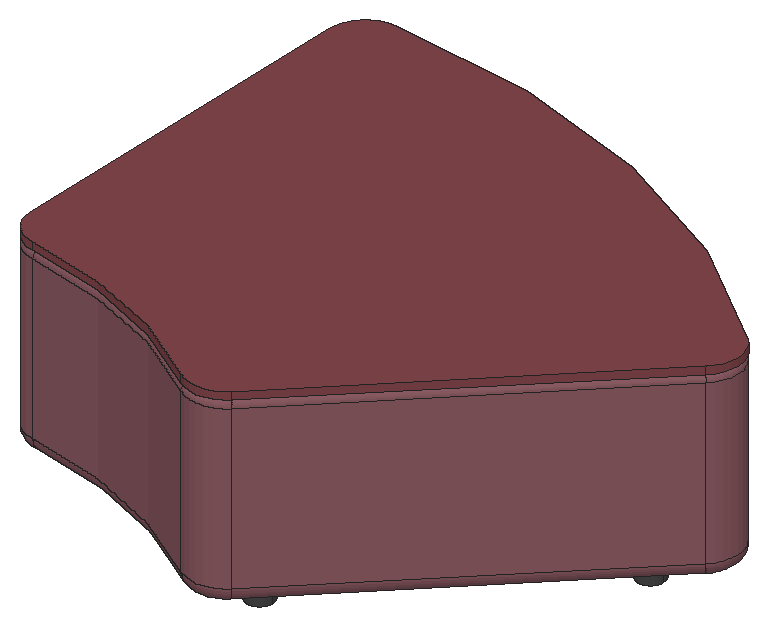
Revit family "Furniture_Sofa_Chanel 5587", category Furniture, Revit 2019
Family settings
  OmniClass Number = 23.21.23.15.17
  Work Plane-Based = Yes
  Always vertical = No
  Cut with Voids When Loaded = No
  Shared = No
  Room Calculation Point = No
Parameters (values of type "CHANEL 5587")
  Youtube clip = ""
  Uniformat II Description = "Movable Furnishings"
  Uniformat II Code = ""
  Uniclass 2015 Name = ""
  Uniclass 2015 Code = ""
  Uniclass 2.0 Description = ""
  Uniclass 2.0 Code = ""
  Uniclass 1.4 Description = ""
  Uniclass 1.4 Code = ""
  UNSPSC Code = ""
  Top Material = Wood Lacquers - 3003 Red
  Technical description = ""
  Shell Material = Leather - Subtract AK013
  Frame Material = Steel - Black
  Region South America = "All"
  Region Oceania = "All"
  Region North America = "All"
  Region Middle East = "All"
  Region Europe = "All"
  Region Asia = "All"
  Region Antarctica = "All"
  Region Africa = "All"
  QR code = "https://www.sandlerseating.com/product/chanel-5587/"
  Product url = "https://www.sandlerseating.com/product/chanel-5587/"
  Product name = "CHANEL 5587"
  Product group = "Sofa"
  Product family = "Furniture"
  Product data url = "https://www.sandlerseating.com/product/chanel-5587/"
  Product certification = ""
  Product SKU = "??"
  Product Guid = "??"
  OmniClass Description = ""
  OmniClass Code = "23-21 23 15 17"
  NBS Reference Description = ""
  NBS Reference Code = ""
  Model = "CHANEL 5587"
  Masterformat 2014 Description = "Sofa Mats"
  Masterformat 2014 Code = "12 48 43.13"
  Manufacturer name = "Sandler"
  Manufacturer country = "USA"
  Manufacturer = "Sandler"
  Installation instructions = ""
  IFC Classification = "Furnishing Element"
  GTIN code = ""
  Edition number = 1
  Design country = "Brasil"
  Description = "Sofa"
  Default Elevation = 0.000 mm
  Date of publishing = ""
  COBIe Type Category = ""
  Brand url = "https://www.sandlerseating.com/"
  BIMobject main category code = "furniture"
  BIMobject main category = "Furniture"
  BIMobject category code = "furniture-sofa"
  BIMobject category = "Sofa"
Reference planes
  plane 1 "Center Front/Back": y = 0
  plane 2: z = 0
  plane 3 "Center Left/Right": x = 0
  plane 4: z = 430
  plane 5: x = -625
  plane 6: x = 625
  plane 7: y = -465
  plane 8: y = 465
  plane 9: z = 50
  plane 10: z = 415
Forms (mm)
  Extrusion 1, solid, material "Leather - Subtract AK013" <- "Shell Material"
    sketch origin (0, 0, 800) x (-1, 0, 0) y (0, -1, 0)
      loop
        arc (524.807, 311.579) -> (506.817, 359.605) -> (461.702, 383.993) r 73.101
        arc (461.702, 383.993) -> (229.991, 447.157) -> (22.056, 567.336) r 933.721
        arc (22.056, 567.336) -> (-27.139, 582.22) -> (-73.971, 561.045) r 73.101
        line (-73.971, 561.045) -> (-596.471, 40.129)
        arc (-596.471, 40.129) -> (-617.956, -12.385) -> (-595.404, -64.45) r 73.101
        arc (-595.404, -64.45) -> (-113.37, -379.496) -> (449.871, -499.373) r 1568.712
        arc (449.871, -499.373) -> (502.743, -478.63) -> (524.807, -426.295) r 73.101
        line (524.807, -426.295) -> (524.807, 311.579)
    from -750 to -385
  Extrusion 2, solid, material "Steel - Black" <- "Frame Material"
    sketch origin (0, 0, 800) x (-1, 0, 0) y (0, -1, 0)
      loop
        circle (417.995, -350.248) r 26.255
      loop
        circle (-467.371, 16.483) r 26.255
      loop
        circle (-36.724, 446.107) r 26.255
      loop
        circle (417.272, 258.055) r 26.255
    from -800 to -750
  Extrusion 3, solid, material "Wood Lacquers - 3003 Red" <- "Top Material"
    sketch origin (0, 0, 0) x (-1, 0, 0) y (0, -1, 0)
      loop
        arc (524.807, 311.579) -> (506.817, 359.605) -> (461.702, 383.993) r 73.101
        arc (461.702, 383.993) -> (229.991, 447.157) -> (22.056, 567.336) r 933.721
        arc (22.056, 567.336) -> (-27.139, 582.22) -> (-73.971, 561.045) r 73.101
        line (-73.971, 561.045) -> (-596.471, 40.129)
        arc (-596.471, 40.129) -> (-617.956, -12.385) -> (-595.404, -64.45) r 73.101
        arc (-595.404, -64.45) -> (-113.37, -379.496) -> (449.871, -499.373) r 1568.712
        arc (449.871, -499.373) -> (502.743, -478.63) -> (524.807, -426.295) r 73.101
        line (524.807, -426.295) -> (524.807, 311.579)
    from 415 to 430
  Sweep 4, void
    path in 3D
      loop
        arc (-524.807, -311.579, 415) -> (-506.817, -359.605, 415) -> (-461.702, -383.993, 415) r 73.101
        arc (-461.702, -383.993, 415) -> (-229.991, -447.157, 415) -> (-22.056, -567.336, 415) r 933.721
        arc (-22.056, -567.336, 415) -> (27.139, -582.22, 415) -> (73.971, -561.045, 415) r 73.101
        line (73.971, -561.045, 415) -> (596.471, -40.129, 415)
        arc (596.471, -40.129, 415) -> (617.956, 12.385, 415) -> (595.404, 64.45, 415) r 73.101
        arc (595.404, 64.45, 415) -> (113.37, 379.496, 415) -> (-449.871, 499.373, 415) r 1568.712
        arc (-449.871, 499.373, 415) -> (-502.743, 478.63, 415) -> (-524.807, 426.295, 415) r 73.101
        line (-524.807, 426.295, 415) -> (-524.807, -311.579, 415)
    profile origin (-524.807, 57.358, 415) x (1, 0, 0) y (0, 0, 1)
      loop
        line (0, 0) -> (0, -15)
        arc (0, -15) -> (4.393, -4.393) -> (15, 0) r 15
        line (15, 0) -> (0, 0)
      loop
        line (0, -365) -> (30, -365)
        arc (30, -365) -> (8.787, -356.213) -> (0, -335) r 30
        line (0, -335) -> (0, -365)
Cuts and joins
  Sweep 4 cuts Extrusion 1
Lines and regions (mm)
  sketch lines
    curve 1: line (-524.807, 426.295, 415) -> (-524.807, -311.579, 415)
    curve 2: arc (-461.702, -383.993, 415) -> (-506.817, -359.605, 415) -> (-524.807, -311.579, 415) r 73.101
    curve 3: arc (-22.056, -567.336, 415) -> (-229.991, -447.157, 415) -> (-461.702, -383.993, 415) r 933.721
    curve 4: arc (73.971, -561.045, 415) -> (27.139, -582.22, 415) -> (-22.056, -567.336, 415) r 73.101
    curve 5: line (73.971, -561.045, 415) -> (596.471, -40.129, 415)
    curve 6: arc (595.404, 64.45, 415) -> (617.956, 12.385, 415) -> (596.471, -40.129, 415) r 73.101
    curve 7: arc (-449.871, 499.373, 415) -> (113.37, 379.496, 415) -> (595.404, 64.45, 415) r 1568.712
    curve 8: arc (-524.807, 426.295, 415) -> (-502.743, 478.63, 415) -> (-449.871, 499.373, 415) r 73.101
Dimensions and locks
  aligned and locked: level to plane 2
